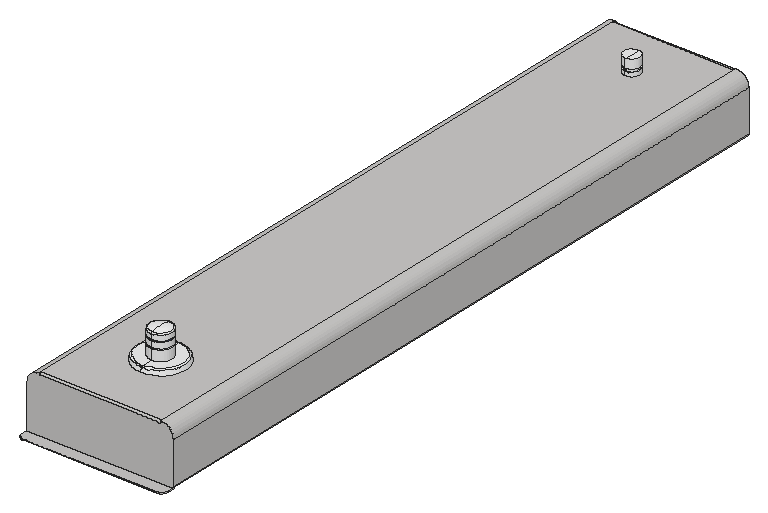
Revit family "PRD_AR_ShwrFttngsPckg_F5EShowerPanel_F3SV2012", category Plumbing Fixtures, host Face, Revit 2023
Family settings
  Host = Face
  Round Connector Dimension = Use Diameter
  Part Type = Normal
  OmniClass Number = 23.45.05.14.17.11
  OmniClass Title = Shower Compartments
  Enable Cutting in Views = No
  Cut with Voids When Loaded = No
  Maintain Annotation Orientation = No
  Shared = No
  Room Calculation Point = No
Parameters (values of type "F3SV2012")
  WithTransformerPowerSupply = "n/a"
  WithSoapDish = "No"
  WithShowerSet = "No"
  WithRosettesCoverPlate = "Yes"
  WithFilter = "Yes"
  WithBackflowPreventer = "Yes"
  WaterConnection = "hose (gland nut)"
  WarrantyStartDate [instance] = "1900-12-31T23:59:59"
  WarrantyGuarantorParts = "n/a"
  WarrantyGuarantorLabor = "n/a"
  WarrantyDurationUnit = "n/a"
  WarrantyDurationParts = "n/a"
  WarrantyDurationLabor = "n/a"
  WarrantyDescription = "n/a"
  VolumeFlowRateBypassPWH = "n/a"
  VolumeFlowRateAt3Bar = "0.15 l/s"
  Version = "1"
  Uniclass2015Version = "Products v1.36"
  Uniclass2015Title = "Shower fittings package"
  Uniclass2015Code = "Pr_40_20_87_75"
  URL = "www.kwc-professional.com"
  TypeOfShower = "shower panel"
  TypeOfSensor = "n/a"
  TypeOfPowerSupply = "n/a"
  TypeOfOperation = "manual operation"
  TypeOfMounting = "wall mounting"
  TypeOfMixing = "No"
  Type IFC Predefined Type = "SHOWER"
  ThermalDisinfection = "No"
  TemperatureLimit = "No"
  TagNumber [instance] = "n/a"
  SustainabilityPerformance = "n/a"
  SurfaceTreatmentFitting = "polished"
  SurfaceFinishFitting = "chromed"
  SurfaceFinishCasing = "satin finished"
  Status = "NEW"
  SoundInsulation = "No"
  Size = "15"
  ShowerType = "Individual"
  ShowerPipeDraining = "No"
  ShowerHeadDescription = "n/a"
  ShowerHead = "for separately shower head"
  Shape = "n/a"
  SerialNumber [instance] = "n/a"
  Revision = "n/a"
  ReplacementCost = "n/a"
  Reference = "n/a"
  Push-button = no
  ProtectiveSystemIP = "n/a"
  ProtectiveShutdown = "No"
  ProductInformation = "http://pim.kwc.com/product/2030070435/attachment/datasheet?locale=en"
  PowerSupplyConnection = "n/a"
  PositionOfWaterConnection = "from top / backside"
  PositionOfPowerConnection = "n/a"
  Parameterization = "n/a"
  OverallWidth = "232 mm"
  OverallHeight = "1160 mm"
  OverallDepth = "90 mm"
  NominalWidth = 232.00 mm
  NominalLength = 1160.00 mm
  NominalHeight = 1160.00 mm
  NominalDepth = 90.00 mm
  Name = "F3S Shower panel F3SV2012"
  NBSTypeID = "n/a"
  NBSReference = "45-35-70/330"
  NBSOfficeMasterTag = "n/a"
  NBSNote = "n/a"
  NBSDescription = "Shower fittings package"
  NBSCertification = "n/a"
  ModelReference = "F3SV2012"
  ModelNumber = "2030070435"
  Model = ModelReference  # "F3SV2012"
  MinimumFlowTime = "5 Seconds"
  MinimumFlowPressure = "1.5 bar"
  MaximumFlowTime = "35 Seconds"
  MaterialFitting = "brass-look"
  MaterialCodeCasing = "1.4301 Chrome Nickel steel V2A"
  MaterialCasing = "stainless steel"
  Material = "stainless steel"
  ManufacturerURL = "www.kwc-professional.com"
  ManufacturerName = "KWC Group Management AG"  # constant formula
  Manufacturer = ManufacturerName  # "KWC Group Management AG"
  LockingMechanism = "Top section, ceramic"
  InstallationDate [instance] = "1900-12-31T23:59:59"
  InletSize = "G 1/2 A"
  IfcExportType = "SHOWER"
  IfcExportAs = "IfcSanitaryTerminalType"
  HygieneFlushing = "No"
  WaterHot [instance] = no
  HasTray = "No"
  Grade = "n/a"
  FunctionalPrinciple = "Hydraulic self-closing"
  ForHandShower = "No"
  Flow = 0.15 L/s
  Finish = "satin finished"
  Features = "For connection from the rear to pre-mixed hot or cold water. Visible parts polished chromium-plated. Housing dimensions 232 x 1160 x 90 mm. Shower head must be ordered separately."
  Export Type to IFC As = "IfcSanitaryTerminalType"
  ExpectedLife = "n/a"
  DurationUnit = "n/a"
  DrainSize = 15.00 mm
  DiameterNominal = "DN 15"
  DN = 15 mm
  ConnectionWithPayWaterDispenser = "not possible"
  ConnectionVerticalOffset(105-850mm) [instance] = 150.00 mm
  ConnectionHorizontalOffset(60-80mm) [instance] = 70.00 mm
  CompatibleA3000Open = "No"
  WaterCold [instance] = not(WaterHot)  # yes
  Circulation = "No"
  BodyMaterial = PRD_AR_StainlessSteel_SatinFinished
  Description = "F3S shower panel made of stainless steel for wall mounting with DN 15 self-closing straight-way valve and connecting nozzles for shower head. Especially suitable for facilities at risk of vandalism. Hydraulically controlled, for connection from the rear to pre-mixed hot or cold water. Self-closing functional part, piston-free design, self-closing and stepless adjustment of flow duration. Valve housing including shuttle valve seat, visible parts polished chromium-plated.  Connecting nozzles for the required additional DN 15 KWC shower head with pre-fitted flow regulator 9.0 l/min. Housing made of stainless steel, single-piece enclosed, including safety screws. Connecting hose with lockable water flow regulator and strainer."
  Default Elevation = 1200.00 mm
  CreatedOn = "05/2025"  # constant formula
  Constituents = "n/a"
  Color = "stainless steel-look"
  CodePerformance = "n/a"
  Category = "Pr_40_20_87_75, Shower fittings package"
  BasicColour = "stainless steel-look"
  BarCode [instance] = "n/a"
  BIMObjectName = "PRD_AR_ ShowerFittingsPackage_F3SShowerPanel_F3SV2012"
  Author = "Archispace"  # constant formula
  AssetType = "Fixed"
  AssetIdentifier [instance] = "n/a"
  Adjustment = yes
  AdjustableFlowTime = "Yes"
  AdditionalConnections = "No"
  AccessibilityPerformance = "n/a"
  AccentColour = "chrome-look (glossy)"
Reference planes
  plane 1 "Center (Front/Back)": y = 0
  plane 2: z = 0
  plane 3 "Center (Left/Right)": x = 0
Dimensions and locks
  aligned and locked: plane 2 to host face
  aligned and locked: level to host face
  aligned and locked: nested 1 to plane 1 "Center (Front/Back)"
Nested families
  nested 1: "F5ShowerPanel" at (0, -140, 0) x (1, 0, 0) z (0, 1, 0), type "F5ShowerPanel"
    with F5EV2008 no, F3SV2012WaterColdCheck yes, F3SV2012 yes
Connectors
  piping at (-70, 870, 0), diameter 15, driven by "DN", driven by "Flow", driven by "InletSize"
    settings: on nested 1, index 1, connector inside diameter 609.6 mm, connector length 0.00 mm, flow factor 0, pipe flow 0.15 L/s, pressure drop 0.0 Pa, fitting loss kfactor 0, connector angle 0.00°, fixture units 0, engagement length 0.00 mm, angle of deflection 0.00°, flow configuration 0, flow direction 1, fitting loss method 0, system type 7, joint type 0, gender type 0, connector reference index -1, connector utility 0, adjustable connector no, is connector primary yes, connector description "G 1/2 A"
Definition of nested family "F5ShowerPanel"
  Parameters (values of type "F5ShowerPanel")
    WaterHot = no
    WaterCold = not(WaterHot)  # yes
    F5EV2008 = yes
    F3SV2012WaterHotCheck = and(F3SV2012, WaterHot)  # no
    F3SV2012WaterColdCheck = and(F3SV2012, WaterCold)  # no
    MaterialRed = none
    MaterialBlue = none
    Material2 = none
    Material = none
    F3SV2012 = no
    DiameterNominal = 15.00 mm
    Default Elevation = 1219.20 mm
    ConnectionVerticalOffsetCheck = if([ConnectionVerticalOffset(105-850mm)] < 105.00 mm, 105.00 mm, if([ConnectionVerticalOffset(105-850mm)] > 850.00 mm, 850.00 mm, [ConnectionVerticalOffset(105-850mm)]))  # 150.00 mm
    ConnectionVerticalOffset(105-850mm) = 150.00 mm
    ConnectionHorizontalOffsetCheck = if([ConnectionHorizontalOffset(60-80mm)] < 60.00 mm, 60.00 mm, if([ConnectionHorizontalOffset(60-80mm)] > 80.00 mm, 80.00 mm, [ConnectionHorizontalOffset(60-80mm)]))  # 70.00 mm
    ConnectionHorizontalOffset(60-80mm) = 70.00 mm
  Reference planes
    plane 1 "Center (Front/Back)": y = 0
    plane 2: z = 0
    plane 3 "Center (Left/Right)": x = 0
    plane 4: z = 1160
    plane 5: x = -116
    plane 6: x = 116
    plane 7: z = 140
    plane 8: y = -90
    plane 9: z = 20
    plane 10: z = 1010
    plane 11: x = -70
    plane 12: z = 1074
  Forms (mm)
    Extrusion 1, solid, material <- "Material", detail levels fine
      sketch origin (0, 0, 0) x (1, 0, 0) y (0, 0, 1)
        loop
          line (-116, 20) -> (-116, 10)
          arc (-116, 10) -> (-113.071, 2.929) -> (-106, 0) r 10
          line (-106, 0) -> (106, 0)
          arc (106, 0) -> (113.071, 2.929) -> (116, 10) r 10
          line (116, 10) -> (116, 20) -> (-116, 20)
      from 0 to 1.2
    Extrusion 2, solid, material <- "Material", detail levels fine
      sketch origin (0, 0, 0) x (1, 0, 0) y (0, 1, 0)
        loop
          arc (-113, 0) -> (-115.121, -0.879) -> (-116, -3) r 3
          line (-116, -3) -> (-116, -70)
          arc (-116, -70) -> (-110.142, -84.142) -> (-96, -90) r 20
          line (-96, -90) -> (96, -90)
          arc (96, -90) -> (110.142, -84.142) -> (116, -70) r 20
          line (116, -70) -> (116, -3)
          arc (116, -3) -> (115.121, -0.879) -> (113, 0) r 3
          line (113, 0) -> (-113, 0)
      from 20 to 1160
    Sweep 3, void
      path origin (0, 0, 0) x (1, 0, 0) y (0, 1, 0)
        loop
          line (-96, 0) -> (96, 0)
      profile origin (0, 0, 0) x (0, 1, 0) y (0, 0, 1)
        loop
          line (0, 1160) -> (-3, 1160)
          arc (-3, 1160) -> (-0.879, 1159.121) -> (0, 1157) r 3
          line (0, 1157) -> (0, 1160)
        loop
          line (-87, 1160) -> (-90, 1160) -> (-90, 1157)
          arc (-90, 1157) -> (-89.121, 1159.121) -> (-87, 1160) r 3
        loop
          line (-90, 23) -> (-90, 20) -> (-87, 20)
          arc (-87, 20) -> (-89.121, 20.879) -> (-90, 23) r 3
    Revolve 4, solid, material <- "Material2", visible <- "F3SV2012", detail levels fine
      sketch origin (0, 0, 0) x (0, 1, 0) y (0, 0, 1)
        loop
          line (-90, 140) -> (-90, 180) -> (-96.518, 178.254)
          arc (-96.518, 178.254) -> (-97.587, 177.539) -> (-98, 176.322) r 2
          line (-98, 176.322) -> (-98, 158) -> (-113.3, 158) -> (-113.3, 156.5) -> (-116.1, 156.5) -> (-116.1, 158) -> (-125.5, 158) -> (-125.5, 156.4) -> (-127.1, 156.4) -> (-127.1, 158) -> (-135, 158)
          arc (-135, 158) -> (-136.081, 157.639) -> (-136.729, 156.701) r 1.8
          arc (-136.729, 156.701) -> (-138.504, 148.434) -> (-139.1, 140) r 60
          line (-139.1, 140) -> (-90, 140)
        axis (-90, 140) -> (-139.1, 140)
      angle from 0 to 360
    Revolve 5, solid, material <- "MaterialRed", visible <- "F3SV2012WaterHotCheck"
      sketch origin (0, 0, 0) x (0, 1, 0) y (0, 0, 1)
        loop
          circle (-126.3, 157.25) r 0.8
        axis (-125.5, 140) -> (-127.1, 140)
      angle from 0 to 360
    Revolve 6, solid, material <- "MaterialBlue", visible <- "F3SV2012WaterColdCheck"
      sketch origin (0, 0, 0) x (0, 1, 0) y (0, 0, 1)
        loop
          circle (-126.3, 157.25) r 0.8
        axis (-125.5, 140) -> (-127.1, 140)
      angle from 0 to 360
    Revolve 7, solid, material <- "Material2", detail levels fine
      sketch origin (0, 0, 0) x (0, 1, 0) y (0, 0, 1)
        loop
          line (-90, 1074) -> (-114, 1074) -> (-114, 1061.025) -> (-101, 1061.025) -> (-101, 1064) -> (-95.5, 1064) -> (-95.5, 1061.025) -> (-90, 1061.025) -> (-90, 1074)
        axis (-114, 1074) -> (-90, 1074)
      angle from 0 to 360
    Revolve 8, solid, material <- "Material2", detail levels coarse+medium
      sketch origin (0, 0, 0) x (0, 1, 0) y (0, 0, 1)
        loop
          line (-90, 1074) -> (-114, 1074) -> (-114, 1061.025) -> (-90, 1061.025) -> (-90, 1074)
        axis (-114, 1074) -> (-90, 1074)
      angle from 0 to 360
    Revolve 9, solid, material <- "Material2", visible <- "F3SV2012", detail levels medium
      sketch origin (0, 0, 0) x (0, 1, 0) y (0, 0, 1)
        loop
          line (-90, 140) -> (-90, 180) -> (-98, 180) -> (-98, 158) -> (-139.1, 158) -> (-139.1, 140) -> (-90, 140)
        axis (-90, 140) -> (-139.1, 140)
      angle from 0 to 360
    Revolve 10, solid, material <- "Material2", visible <- "F3SV2012", detail levels coarse
      sketch origin (0, 0, 0) x (0, 1, 0) y (0, 0, 1)
        loop
          line (-90, 140) -> (-90, 180) -> (-139.1, 180) -> (-139.1, 140) -> (-90, 140)
        axis (-90, 140) -> (-139.1, 140)
      angle from 0 to 360
    Extrusion 11, solid, material <- "Material", detail levels medium
      sketch origin (0, 0, 0) x (1, 0, 0) y (0, 1, 0)
        loop
          arc (-113, 0) -> (-115.121, -0.879) -> (-116, -3) r 3
          line (-116, -3) -> (-116, -70)
          arc (-116, -70) -> (-110.142, -84.142) -> (-96, -90) r 20
          line (-96, -90) -> (96, -90)
          arc (96, -90) -> (110.142, -84.142) -> (116, -70) r 20
          line (116, -70) -> (116, -3)
          arc (116, -3) -> (115.121, -0.879) -> (113, 0) r 3
          line (113, 0) -> (-113, 0)
      from 20 to 1160
    Extrusion 12, solid, material <- "Material", detail levels medium
      sketch origin (0, 0, 0) x (1, 0, 0) y (0, 0, 1)
        loop
          line (-116, 20) -> (-116, 0) -> (116, 0) -> (116, 20) -> (-116, 20)
      from 0 to 1.2
    Extrusion 13, solid, material <- "Material", detail levels coarse
      sketch origin (0, 0, 0) x (1, 0, 0) y (0, 1, 0)
        loop
          arc (-113, 0) -> (-115.121, -0.879) -> (-116, -3) r 3
          line (-116, -3) -> (-116, -70)
          arc (-116, -70) -> (-110.142, -84.142) -> (-96, -90) r 20
          line (-96, -90) -> (96, -90)
          arc (96, -90) -> (110.142, -84.142) -> (116, -70) r 20
          line (116, -70) -> (116, -3)
          arc (116, -3) -> (115.121, -0.879) -> (113, 0) r 3
          line (113, 0) -> (-113, 0)
      from 0 to 1160
    Extrusion 14, solid
      sketch origin (0, 0, 0) x (1, 0, 0) y (0, 0, 1)
        loop
          circle (-70, 1010) r 7.5
      from 0 to 2
    Extrusion 15, solid, material <- "Material2", not visible, detail levels medium+fine
      sketch origin (0, -80, 81.75) x (1, 0, 0) y (0, 0, 1)
        loop
          circle (0, 58.25) r 40
      from 10 to 12
    Revolve 16, solid, material <- "Material2", visible <- "F5EV2008", detail levels fine
      sketch origin (0, 0, -144) x (0, 1, 0) y (0, 0, 1)
        loop
          line (-90, 284) -> (-90, 313)
          arc (-90, 313) -> (-92.241, 306.415) -> (-93, 299.5) r 31.875
          line (-93, 299.5) -> (-91.5, 299.5) -> (-91.5, 296.5) -> (-93, 296.5) -> (-93, 284) -> (-90, 284)
        axis (-90, 284) -> (-93, 284)
      angle from 0 to 360
    Revolve 17, solid, material <- "Material2", visible <- "F5EV2008", detail levels medium
      sketch origin (0, 0, -144) x (0, 1, 0) y (0, 0, 1)
        loop
          line (-90, 284) -> (-90, 313) -> (-93, 313) -> (-93, 299.5) -> (-91.5, 299.5) -> (-91.5, 284) -> (-90, 284)
        axis (-90, 284) -> (-93, 284)
      angle from 0 to 360
    Revolve 18, solid, material <- "Material2", visible <- "F5EV2008", detail levels coarse
      sketch origin (0, 0, -144) x (0, 1, 0) y (0, 0, 1)
        loop
          line (-90, 284) -> (-90, 313) -> (-93, 313) -> (-93, 284) -> (-90, 284)
        axis (-90, 284) -> (-93, 284)
      angle from 0 to 360
    Revolve 19, solid, material <- "MaterialRed", detail levels medium+fine
      sketch origin (0, 0, -144) x (0, 1, 0) y (0, 0, 1)
        loop
          line (-93, 299.5) -> (-93, 296.5) -> (-91.5, 296.5) -> (-91.5, 299.5) -> (-93, 299.5)
        axis (-91.5, 284) -> (-93, 284)
      angle from 0 to 360
  Cuts and joins
    Sweep 3 cuts Extrusion 2
  Lines and regions (mm)
    Split face 1
      outline origin (0, -92, 81.75) x (1, 0, 0) y (0, 0, 1)
        loop
          line (-3.58, 92.312) -> (-3.737, 93.804)
          arc (-3.737, 93.804) -> (-23.841, 84.89) -> (-34.923, 65.894) r 35.75
          line (-34.923, 65.894) -> (-33.458, 65.573)
          arc (-33.458, 65.573) -> (-22.841, 83.772) -> (-3.58, 92.312) r 34.25
    Split face 2
      outline origin (0, -92, 81.75) x (1, 0, 0) y (0, 0, 1)
        loop
          arc (3.58, 92.312) -> (22.841, 83.772) -> (33.458, 65.573) r 34.25
          line (33.458, 65.573) -> (34.923, 65.894)
          arc (34.923, 65.894) -> (23.841, 84.89) -> (3.737, 93.804) r 35.75
          line (3.737, 93.804) -> (3.58, 92.312)
  Dimensions and locks
    plane 4 to level = 1160.00 mm
    equal spacing: plane 5, plane 3 "Center (Left/Right)", plane 6
    locked: plane 5 to plane 6 at 232
    locked: plane 8 to plane 1 "Center (Front/Back)" at 90
    locked: plane 9 to level at 20
    locked: plane 7 to plane 9 at 120
    "ConnectionVerticalOffsetCheck": plane 4 to plane 10
    "ConnectionHorizontalOffsetCheck": plane 3 "Center (Left/Right)" to plane 11
    locked: plane 4 to plane 12 at 86
    "DiameterNominal": diameter of Extrusion 14 sketch curve
    aligned and locked: level to plane 2
    aligned and locked: Extrusion 2 to plane 9
    aligned and locked: plane 4 to Extrusion 2
    aligned and locked: Revolve 7 sketch curve to plane 12
    aligned and locked: Revolve 8 sketch curve to plane 12
  Automatic sketch dimensions
    plane 5 to Extrusion 1 sketch curve = 0.00 mm
    Extrusion 1 sketch curve to level = 0.00 mm
    Extrusion 1 sketch curve to plane 6 = 0.00 mm
    Extrusion 1 sketch curve to plane 9 = 0.00 mm
    Extrusion 1 sketch curve to plane 5 = 10.00 mm
    Extrusion 1 sketch curve to Extrusion 1 sketch curve = 10.00 mm
    Extrusion 2 sketch curve to plane 5 = 0.00 mm
    plane 1 "Center (Front/Back)" to Extrusion 2 sketch curve = 0.00 mm
    Extrusion 2 sketch curve to plane 8 = 0.00 mm
    Extrusion 2 sketch curve to plane 6 = 0.00 mm
    Extrusion 2 sketch curve to plane 5 = 3.00 mm
    Extrusion 2 sketch curve to Extrusion 2 sketch curve = 20.00 mm
    Extrusion 2 sketch curve to plane 6 = 20.00 mm
    plane 1 "Center (Front/Back)" to Extrusion 2 sketch curve = 3.00 mm
    plane 1 "Center (Front/Back)" to Sweep 3 sketch curve = 0.00 mm
    Sweep 3 sketch curve to plane 5 = 20.00 mm
    Sweep 3 sketch curve to plane 6 = 20.00 mm
    Sweep 3 sketch curve to profile plane = 0.00 mm
    profile plane to Sweep 3 sketch curve = 3.00 mm
    level to Sweep 3 sketch curve = 20.00 mm
    profile plane to Sweep 3 sketch curve = 87.00 mm
    Sweep 3 sketch curve to Sweep 3 sketch curve = 84.00 mm
    Sweep 3 sketch curve to Sweep 3 sketch curve = 3.00 mm  (x2)
    Sweep 3 sketch curve to Sweep 3 sketch curve = 1134.00 mm
    Sweep 3 sketch curve to Sweep 3 sketch curve = 0.00 mm
    Revolve 4 sketch curve to plane 7 = 0.00 mm  (x2)
    Revolve 4 sketch curve to plane 8 = 0.00 mm
    Revolve 4 sketch curve to plane 8 = 6.00 mm
    Revolve 4 sketch curve to Revolve 4 sketch curve = 0.518 mm
    Revolve 4 sketch curve to plane 8 = 8.00 mm
    Revolve 4 sketch curve to Revolve 4 sketch curve = 15.30 mm
    Revolve 4 sketch curve to Revolve 4 sketch curve = 2.80 mm
    Revolve 4 sketch curve to Revolve 4 sketch curve = 9.40 mm
    Revolve 4 sketch curve to Revolve 4 sketch curve = 1.60 mm  (x3)
    Revolve 4 sketch curve to Revolve 4 sketch curve = 7.90 mm
    Revolve 4 sketch curve to Revolve 4 sketch curve = 4.10 mm
    plane 8 to Revolve 4 sketch curve = 10.90 mm
    plane 7 to Revolve 4 sketch curve = 16.20 mm
    Revolve 4 sketch curve to Revolve 4 sketch curve = 0.20 mm
    Revolve 4 sketch curve to Revolve 4 sketch curve = 0.10 mm
    Revolve 4 sketch curve to Revolve 4 sketch curve = 1.50 mm
    Revolve 4 sketch curve to Revolve 4 sketch curve = 18.322 mm
    Revolve 4 sketch curve to Revolve 4 sketch curve = 1.746 mm
    Revolve 4 sketch curve to Revolve 4 sketch curve = 10.90 mm
    Revolve 4 sketch curve to Revolve 4 sketch curve = 10.00 mm
    Revolve 5 sketch curve to plane 7 = 0.00 mm
    plane 7 to Revolve 5 sketch curve = 17.25 mm
    Revolve 5 sketch curve to plane 8 = 36.30 mm
    Revolve 5 sketch curve to Revolve 5 sketch curve = 19.602 mm
    Revolve 5 sketch curve to Revolve 5 sketch curve = 2.709 mm
    Revolve 6 sketch curve to plane 7 = 0.00 mm
    plane 7 to Revolve 6 sketch curve = 17.25 mm
    Revolve 6 sketch curve to plane 8 = 36.30 mm
    Revolve 6 sketch curve to Revolve 6 sketch curve = 19.602 mm
    Revolve 6 sketch curve to Revolve 6 sketch curve = 2.709 mm
    Revolve 7 sketch curve to plane 8 = 0.00 mm
    Revolve 7 sketch curve to plane 8 = 5.50 mm
    Revolve 7 sketch curve to Revolve 7 sketch curve = 5.50 mm
    Revolve 7 sketch curve to Revolve 7 sketch curve = 13.00 mm
    Revolve 7 sketch curve to Revolve 7 sketch curve = 0.00 mm  (x2)
    Revolve 7 sketch curve to Revolve 7 sketch curve = 2.975 mm
    Revolve 7 sketch curve to Revolve 7 sketch curve = 12.975 mm
    Revolve 7 sketch curve to plane 8 = 2.949 mm
    plane 8 to Revolve 7 sketch curve = 7.051 mm
    Revolve 8 sketch curve to plane 8 = 0.00 mm
    Revolve 8 sketch curve to plane 8 = 24.00 mm
    Revolve 8 sketch curve to Revolve 8 sketch curve = 12.975 mm
    Revolve 8 sketch curve to plane 8 = 2.949 mm
    Revolve 8 sketch curve to Revolve 8 sketch curve = 7.051 mm
    Revolve 8 sketch curve to Revolve 8 sketch curve = 0.00 mm
    Revolve 9 sketch curve to plane 7 = 0.00 mm  (x2)
    Revolve 9 sketch curve to plane 8 = 0.00 mm
    Revolve 9 sketch curve to Revolve 9 sketch curve = 8.00 mm
    plane 7 to Revolve 9 sketch curve = 18.00 mm
    Revolve 9 sketch curve to Revolve 9 sketch curve = 41.10 mm
    Revolve 9 sketch curve to Revolve 9 sketch curve = 22.00 mm
    Revolve 9 sketch curve to Revolve 9 sketch curve = 10.90 mm
    Revolve 9 sketch curve to Revolve 9 sketch curve = 10.00 mm
    Revolve 10 sketch curve to plane 7 = 0.00 mm  (x2)
    Revolve 10 sketch curve to plane 8 = 0.00 mm
    Revolve 10 sketch curve to Revolve 10 sketch curve = 49.10 mm
    Revolve 10 sketch curve to Revolve 10 sketch curve = 40.00 mm
    Revolve 10 sketch curve to Revolve 10 sketch curve = 10.90 mm
    Revolve 10 sketch curve to Revolve 10 sketch curve = 10.00 mm
    Extrusion 11 sketch curve to plane 5 = 0.00 mm
    plane 1 "Center (Front/Back)" to Extrusion 11 sketch curve = 0.00 mm
    Extrusion 11 sketch curve to plane 8 = 0.00 mm
    Extrusion 11 sketch curve to plane 6 = 0.00 mm
    Extrusion 11 sketch curve to plane 5 = 3.00 mm
    Extrusion 11 sketch curve to Extrusion 11 sketch curve = 20.00 mm
    Extrusion 11 sketch curve to plane 6 = 20.00 mm
    plane 1 "Center (Front/Back)" to Extrusion 11 sketch curve = 3.00 mm
    plane 5 to Extrusion 12 sketch curve = 0.00 mm
    Extrusion 12 sketch curve to level = 0.00 mm
    Extrusion 12 sketch curve to plane 6 = 0.00 mm
    Extrusion 12 sketch curve to plane 9 = 0.00 mm
    Extrusion 13 sketch curve to plane 5 = 0.00 mm
    plane 1 "Center (Front/Back)" to Extrusion 13 sketch curve = 0.00 mm
    Extrusion 13 sketch curve to plane 8 = 0.00 mm
    Extrusion 13 sketch curve to plane 6 = 0.00 mm
    Extrusion 13 sketch curve to plane 5 = 3.00 mm
    Extrusion 13 sketch curve to Extrusion 13 sketch curve = 20.00 mm
    Extrusion 13 sketch curve to plane 6 = 20.00 mm
    plane 1 "Center (Front/Back)" to Extrusion 13 sketch curve = 3.00 mm
    Extrusion 15 sketch curve to plane 3 "Center (Left/Right)" = 0.00 mm
    Extrusion 15 sketch curve to plane 7 = 0.00 mm
    Split face 1 sketch curve to Split face 1 sketch curve = 33.458 mm
    Split face 1 sketch curve to Split face 1 sketch curve = 1.465 mm
    Split face 1 sketch curve to Split face 1 sketch curve = 3.58 mm
    Split face 1 sketch curve to Split face 1 sketch curve = 0.00 mm  (x2)
    Split face 1 sketch curve to Split face 1 sketch curve = 0.157 mm
    Split face 2 sketch curve to Split face 2 sketch curve = 3.58 mm
    Split face 2 sketch curve to Split face 2 sketch curve = 0.157 mm
    Split face 2 sketch curve to Split face 2 sketch curve = 33.458 mm
    Split face 2 sketch curve to Split face 2 sketch curve = 1.465 mm
    Revolve 16 sketch curve to plane 7 = 0.00 mm  (x2)
    Revolve 16 sketch curve to plane 8 = 0.00 mm
    Revolve 16 sketch curve to plane 8 = 1.50 mm
    Revolve 16 sketch curve to Revolve 16 sketch curve = 1.50 mm  (x2)
    plane 8 to Revolve 16 sketch curve = 28.875 mm
    plane 7 to Revolve 16 sketch curve = 12.50 mm
    Revolve 16 sketch curve to Revolve 16 sketch curve = 3.00 mm
    Revolve 16 sketch curve to Revolve 16 sketch curve = 0.00 mm
    Revolve 16 sketch curve to Revolve 16 sketch curve = 6.618 mm
    Revolve 17 sketch curve to plane 7 = 0.00 mm  (x2)
    Revolve 17 sketch curve to plane 8 = 0.00 mm
    Revolve 17 sketch curve to plane 8 = 1.50 mm
    Revolve 17 sketch curve to Revolve 17 sketch curve = 1.50 mm  (x2)
    plane 7 to Revolve 17 sketch curve = 15.50 mm
    Revolve 17 sketch curve to Revolve 17 sketch curve = 13.50 mm
    Revolve 17 sketch curve to Revolve 17 sketch curve = 6.618 mm
    Revolve 18 sketch curve to plane 7 = 0.00 mm  (x2)
    Revolve 18 sketch curve to plane 8 = 0.00 mm
    Revolve 18 sketch curve to plane 8 = 3.00 mm
    plane 7 to Revolve 18 sketch curve = 29.00 mm
    Revolve 18 sketch curve to Revolve 18 sketch curve = 0.00 mm
    Revolve 18 sketch curve to Revolve 18 sketch curve = 6.618 mm
    Revolve 19 sketch curve to plane 7 = 0.00 mm
    plane 7 to Revolve 19 sketch curve = 15.50 mm
    Revolve 19 sketch curve to plane 8 = 3.00 mm
    Revolve 19 sketch curve to Revolve 19 sketch curve = 1.50 mm
    Revolve 19 sketch curve to Revolve 19 sketch curve = 3.00 mm
    Revolve 19 sketch curve to Revolve 19 sketch curve = 0.00 mm
    Revolve 19 sketch curve to Revolve 19 sketch curve = 6.618 mm
    Extrusion 14 sketch curve to plane 10 = 0.00 mm
    Extrusion 14 sketch curve to plane 11 = 0.00 mm
    radius of Revolve 5 sketch curve = 0.80 mm
    radius of Revolve 6 sketch curve = 0.80 mm
    radius of Extrusion 15 sketch curve = 40.00 mm
    radius of Split face 1 sketch curve to Extrusion 15 = 5.75 mm
    radius of Split face 1 sketch curve to Extrusion 15 = 4.25 mm
    radius of Split face 2 sketch curve to Extrusion 15 = 5.75 mm
    radius of Split face 2 sketch curve to Extrusion 15 = 4.25 mm
